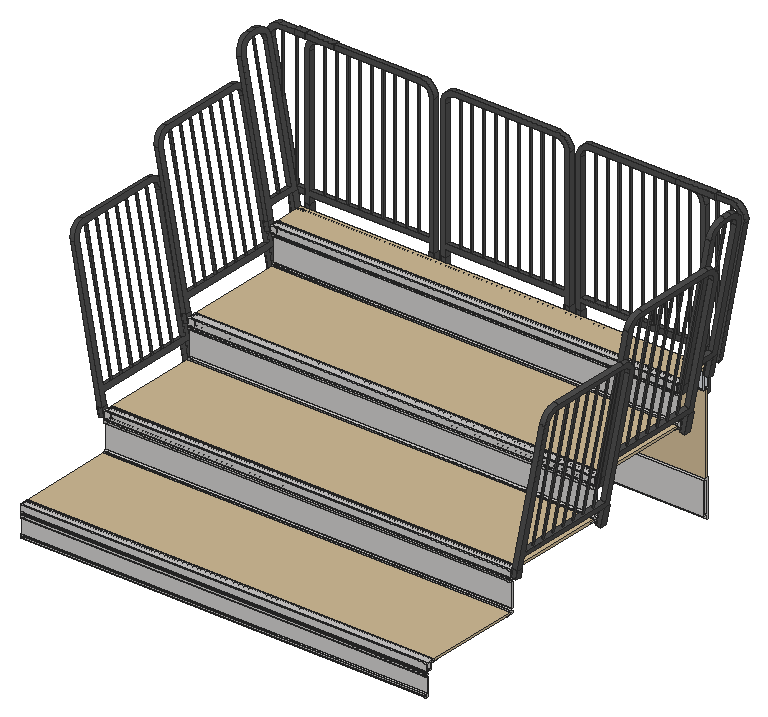
Revit family "Bleacher-Telescopic-Hussey-MAXAM_Plus-Portable-Simplified", category Specialty Equipment, Revit 2024
Family settings
  Round Connector Dimension = Use Diameter
  Part Type = Normal
  OmniClass Number = 23.40.50.34.14
  OmniClass Title = Gymnasium Equipment
  Work Plane-Based = No
  Enable Cutting in Views = No
  Always vertical = Yes
  Cut with Voids When Loaded = No
  Maintain Annotation Orientation = No
  Shared = No
  Room Calculation Point = No
Parameters (values of type "32" Row, 11 5/8" Rise")
  URL = "http://www.husseyseating.com/"
  Type Comments = "Bleacher Bank"  # constant formula
  Top Deck Height [instance] = if(Row Rise Constraint = 1, (Row Rise * Number of Tiers) + 0' 1", if(Row Rise Constraint = 2, (Row Rise * Number of Tiers) - 0' 1", Row Rise * Number of Tiers))  # 3' - 9 1/2"
  Tier Limitation Chart [instance] = "Contact Hussey Seating Company"  # constant formula
  Stanchion Color = Hussey - 301 Blue
  Show in Stowed Position [instance] = not(Show in Open Position)  # no
  Show in Open Position [instance] = yes
  Show End Rails Right [instance] = yes
  Show End Rails Left [instance] = yes
  Show Cup Holders [instance] = yes
  Show Arms [instance] = yes
  Seats Upright Visibility [instance] = and(Show in Open Position, Seats Upright)  # yes
  Seats Upright [instance] = not(Seats Folded Flat)  # yes
  Seats Folded Flat Visibility [instance] = or(Seats Folded Flat, Show in Stowed Position)  # no
  Seats Folded Flat [instance] = no
  Seat Width = 1' - 9"
  Seat Type = Bleacher Seat : Metro Chair
  Seat Down [instance] = yes
  Seat Color [instance] = Hussey - 301 Blue
  Scheduled Seat Width = if(Not Metro Chair, 1' 6", Seat Width)  # 1' - 9"
  Row Spacing Note = "Do Not Change Row Spacing Constraint"  # constant formula
  Row Spacing Graphic Dimension [instance] = if(Show in Stowed Position, (Closed Dimension - 0' 10 3/4" - (Row Spacing + 0' 1")) / (Number of Operable Tiers - 1), (Open Dimension - 0' 10 3/4" - (Row Spacing + 0' 1")) / (Number of Operable Tiers - 1))  # 2' - 8 17/32"
  Row Spacing Constraint = 2
  Row Spacing = if(Row Spacing Constraint = 1, 2' 6", if(Row Spacing Constraint = 2, 2' 8", if(Row Spacing Constraint = 3, 2' 9", 0' 0")))  # 2' - 8"
  Row Rise Note = "Do Not Change Row Rise Constraint"  # constant formula
  Row Rise Constraint = 2
  Row Rise = if(Row Rise Constraint = 1, 0' 9 5/8", if(Row Rise Constraint = 2, 0' 11 5/8", if(Row Rise Constraint = 3, 1' 4", 0' 0")))  # 0' - 11 5/8"
  Riser Material = Hussey - Galvanized Steel
  Rear Rail Width [instance] = Rear Rail Bay Dimension - 0' 2"  # 3' - 4"
  Rear Rail Bay Maximum Dimension [instance] = 3' - 4"  # constant formula
  Rear Rail Bay Dimension [instance] = Bank Length / Number of Rear Rails  # 3' - 6"
  Rear Panel Material = Hussey - Plywood - 001 Natural - Rear Panel
  Rear Panel Height [instance] = Top Deck Height - 1' 9 1/4"  # 2' - 0 1/4"
  Product Page URL = "http://www.husseyseating.com/maxam-telescopic-platform/"
  Overall Unit Height [instance] = if(Row Rise Constraint = 1, (Row Rise * Number of Tiers) + 0' 7 1/2", if(Row Rise Constraint = 2, (Row Rise * Number of Tiers) + 0' 5 1/2", (Row Rise * Number of Tiers) + 0' 6 1/2"))  # 4' - 4"
  Overall Unit Depth [instance] = if(Show in Stowed Position, Closed Dimension, Open Dimension)  # 9' - 0 13/16"
  Optional Rear Panel = yes
  Open Dimension [instance] = if(Row Spacing Constraint = 1, Row Spacing * (Number of Tiers - 1) + 1' 2 13/16", if(Row Spacing Constraint = 2, Row Spacing * (Number of Tiers - 1) + 1' 0 13/16", if(Row Spacing Constraint = 3, Row Spacing * (Number of Tiers - 1) + 0' 11 13/16", Row Spacing * (Number of Tiers - 1) + 0' 11 13/16")))  # 9' - 0 13/16"
  Number of Tiers [instance] = 4
  Number of Seats per Row [instance] = if(Calculated Chair Array Width > Calculated Chair Array Width Maximum, Calculated Number of Seats per Row - 1, Calculated Number of Seats per Row)  # 6
  Number of Rear Rails [instance] = Number of Rear Rail Bays - 1  # 3
  Number of Rear Rail Bays [instance] = (Bank Length / Rear Rail Bay Maximum Dimension) + 1  # 4
  Number of Operable Tiers [instance] = Number of Tiers - 1  # 3
  Number of Operable End Rails [instance] = Number of Operable Tiers - 1  # 2
  Not Metro Chair = not(Metro Chair)  # no
  Nose Beam Material = Hussey - Galvanized Steel
  Model = "MAXAM Plus"
  Metro Chair Top Deck Height [instance] = Top Deck Height - Row Rise  # 2' - 9 7/8"
  Metro Chair Standard Widths = "18'', 19'', 20'', 21'', 22''"  # constant formula
  Metro Chair Arms Note = "Not Available with 18'' Width"  # constant formula
  Metro Chair = yes
  Manufacturer Phone Number = "1.800.341.0401"  # constant formula
  Manufacturer Email Contact = "mailto:revit@husseyseating.com?Subject=Revit Inquiry"
  Manufacturer Address 1 = "38 Dyer Street Extension"  # constant formula
  Manufacturer Address  2 = "North Berwick, Maine 03906"  # constant formula
  Manufacturer = "Hussey Seating Company"  # constant formula
  Front Row Height [instance] = if(Row Rise = 1' 4", 1' 3 15/16", 0' 10 9/16")  # 0' - 10 9/16"
  Front Closure Material = Hussey - Galvanized Steel
  Front Closure Height [instance] = if(Show in Stowed Position, Front Row Height - 0' 4", Front Row Height - 0' 4")  # 0' - 6 9/16"
  Flex Row Note = "Not part of Revit Family - Contact Hussey Seating Co."
  Estimated Seat Count [instance] = if(Metro Chair, Number of Seats per Row * (Number of Tiers - 1), (Bank Length / 1' 6") * Number of Tiers)  # 18
  End Rail Color = Hussey - Bleacher Rail Color
  Description = "MAXAM Plus Telescopic Gym Bleacher Bank - Portable"
  Default Elevation = 0' - 0"
  Cup Holder Visibility [instance] = and(Armrest Visibility, Show Cup Holders)  # yes
  Creator URL = "http://www.revituspro.com/"
  Created By = "Revitus"  # constant formula
  Copyright Notice = "© Hussey Seating Co.  All Rights Reserved."  # constant formula
  Closed Dimension [instance] = if(and(Row Rise Constraint = 1, Row Spacing Constraint = 1), (Number of Tiers * 0' 0 1/2" + 4' 0"), if(and(Row Rise Constraint = 2, Row Spacing Constraint = 1), (Number of Tiers * 0' 0 1/2" + 4' 2"), if(and(Row Rise Constraint = 3, Row Spacing Constraint = 1), (Number of Tiers * 0' 0 1/2" + 4' 1"), if(and(Row Rise Constraint = 1, Row Spacing Constraint = 2), (Number of Tiers * 0' 0 1/2" + 3' 11"), if(and(Row Rise Constraint = 2, Row Spacing Constraint = 2), (Number of Tiers * 0' 0 1/2" + 4' 0"), if(and(Row Rise Constraint = 3, Row Spacing Constraint = 2), (Number of Tiers * 0' 0 1/2" + 3' 11"), if(and(Row Rise Constraint = 1, Row Spacing Constraint = 3), (Number of Tiers * 0' 0 1/2" + 3' 11"), if(and(Row Rise Constraint = 2, Row Spacing Constraint = 3), (Number of Tiers * 0' 0 1/2" + 3' 11"), if(and(Row Rise Constraint = 3, Row Spacing Constraint = 3), (Number of Tiers * 0' 0 1/2" + 3' 11"), (Number of Tiers * 0' 0 1/2") + 4' 0")))))))))  # 4' - 2"
  Calculated Chair Array Width [instance] = (Seat Width * Calculated Number of Seats per Row) - Seat Width  # 8' - 9"
  Calculated Number of Seats per Row [instance] = Bank Length / Seat Width  # 6
  Calculated Chair Array Width Maximum [instance] = Bank Length - Seat Width  # 8' - 9"
  CSI MasterFormat = "12 66 00"
  Bleacher Deck Material = Hussey - Plywood - 001 Natural - Bleacher Decking
  Bank Length Minimum = "10'-6''"  # constant formula
  Bank Length Maximum = "19'-5''"  # constant formula
  Bank Length Increment = "18'' Typical Increments"  # constant formula
  Bank Length [instance] = 10' - 6"
  BIM Version = "v3.1"  # constant formula
  Assembly Code = "E1020900"
  Armrest Visibility [instance] = and(Seat Width > 1' 6", Show Arms)  # yes
  Actual Chair Array Width [instance] = (Seat Width * Number of Seats per Row) - Seat Width  # 8' - 9"
  16" Row Rise Note = "Not Available for Portable Units"  # constant formula
Reference planes (in)
  plane 1 "Center (Front/Back)": y = -6.40625
  plane 2: z = 0
  plane 3 "Center (Left/Right)": x = -57
  plane 4 "Left": x = -120
  plane 5 "Right": x = 6
  plane 6 "Back": y = 48
  plane 7 "Front": y = -60.8125
  plane 8: z = 10.5625
  plane 9: y = -28.28125
  plane 10: z = 22.1875
  plane 11: y = 36.125
  plane 12: y = 4.25
  plane 13: z = 1
  plane 14 "Top Deck Height": z = 45.5
  plane 15 "End Rail Alignment - Left": through (-120, -180, 0) normal (-0.1908, 0, 0.9816)
  plane 16: z = 33.8125
  plane 17 "End Rail Alignment - Right": through (120, -180, 0) normal (-0.1908, 0, -0.9816)
  plane 18: x = -109.5
  plane 19: x = -4.5
  plane 20 "Top Tier Metro Chair Attachment (Front/Back)": y = 37.25
  plane 21 "Rear Rail - Left": x = -119
  plane 22 "Rear Rail - Right": x = 5
  plane 23: y = 49.0625
  plane 24: y = 48.1875
  plane 25: y = 49.9375
  plane 26 "Optional Rear Panel - Bottom": z = 14.5
  plane 27 "Optional Rear Panel - Top": z = 38.75
  plane 28 "Rear Lift Beam - Bottom": z = 3
  plane 29 "Optional Rear Panel - Back": y = 47.8125
  plane 30 "Optional Rear Panel - Front": y = 47.1875
  plane 31 "Rear Lift Beam - Top": z = 14.25
  plane 32 "Rear Lift Beam Channel - Bottom": z = 4.25
  plane 33 "Rear Lift Beam - Back": y = 48.0625
  plane 34 "Rear Lift Beam - Front": y = 46.3125
  plane 35: y = 46.5625
  plane 36: z = 4.5
  plane 37: z = 14
Forms (in)
  Extrusion 1, solid, material "Hussey - Plywood - 001 Natural - Rear Panel" <- "Rear Panel Material", visible <- "Optional Rear Panel"
    sketch origin (-66, 0, 0) x (0, 1, 0) y (0, 0, 1)
      loop
        line (47.1875, 14.5) -> (47.8125, 14.5) -> (47.8125, 38.75) -> (47.1875, 38.75) -> (47.1875, 14.5)
    from -54 to 72
  Extrusion 2, solid, material "Hussey - Galvanized Steel"
    sketch origin (-66, 0, -3.875) x (0, 1, 0) y (0, 0, 1)
      loop
        line (46.3125, 8.125) -> (47.8125, 8.125) -> (47.8125, 6.875) -> (48.0625, 6.875) -> (48.0625, 18.375) -> (47.8125, 18.375) -> (47.8125, 18.125) -> (46.3125, 18.125) -> (46.3125, 8.125)
      loop
        line (46.5625, 17.875) -> (46.5625, 8.375) -> (47.8125, 8.375) -> (47.8125, 17.875) -> (46.5625, 17.875)
    from -54 to 72
Lines and regions (in)
  reference lines, visible <- "Show End Rails Left"
    curve 1: line (-132, 48, 0) -> (-132, -60.8125, 0)
  reference lines, visible <- "Show End Rails Right"
    curve 2: line (18, 48, 0) -> (18, -60.8125, 0)
Dimensions and locks (in)
  equal spacing: plane 4 "Left", plane 3 "Center (Left/Right)", plane 5 "Right"
  "Bank Length": plane 4 "Left" to plane 5 "Right"
  equal spacing: plane 6 "Back", plane 1 "Center (Front/Back)", plane 7 "Front"
  "Overall Unit Depth": plane 6 "Back" to plane 7 "Front"
  "Row Spacing Graphic Dimension": plane 7 "Front" to plane 9
  locked: plane 11 to plane 6 "Back" at 11.875
  "Row Rise": plane 10 to plane 8
  "Front Row Height": plane 8 to level
  "Row Spacing Graphic Dimension": plane 9 to plane 12
  locked: plane 13 to level at 1
  equal spacing: group 1, group 2, group 3  (x3)
  "Top Deck Height": plane 14 "Top Deck Height" to level
  "Row Rise": plane 16 to plane 10
  group 4 to group 5 = 0' - 0"
  group 4 to group 5 = 2' - 8 17/32"
  group 4 to group 5 = 0' - 11 5/8"
  group 6 to group 7 = 0' - 0"
  group 6 to group 7 = 2' - 8 17/32"
  group 6 to group 7 = 0' - 11 5/8"
  locked: curve 1 to plane 4 "Left" at 12
  locked: plane 5 "Right" to curve 2 at 12
  equal spacing: group 8, group 9, group 10  (x3)
  equal spacing: plane 18, plane 3 "Center (Left/Right)", plane 19
  "Calculated Chair Array Width": plane 18 to plane 19
  locked: plane 20 "Top Tier Metro Chair Attachment (Front/Back)" to plane 6 "Back" at 10.75
  locked: plane 21 "Rear Rail - Left" to plane 4 "Left" at 1
  locked: plane 22 "Rear Rail - Right" to plane 5 "Right" at 1
  plane 6 "Back" to plane 24 to plane 25 = 0' - 0 3/16" locked, 0' - 1 3/4" locked
  equal spacing: plane 24, plane 23, plane 25
  equal spacing: group 11, group 13, group 12  (x3)
  plane 26 "Optional Rear Panel - Bottom" to plane 28 "Rear Lift Beam - Bottom" to level = 0' - 11 1/2" locked, 0' - 3" locked
  "Rear Panel Height": plane 27 "Optional Rear Panel - Top" to plane 26 "Optional Rear Panel - Bottom"
  plane 30 "Optional Rear Panel - Front" to plane 29 "Optional Rear Panel - Back" to plane 23 = 0' - 0 5/8" locked, 0' - 1 1/4" locked
  plane 26 "Optional Rear Panel - Bottom" to plane 31 "Rear Lift Beam - Top" to plane 32 "Rear Lift Beam Channel - Bottom" = 0' - 0 1/4" locked, 0' - 10" locked
  locked: plane 29 "Optional Rear Panel - Back" to plane 33 "Rear Lift Beam - Back" at 0.25
  locked: plane 34 "Rear Lift Beam - Front" to plane 35 at 0.25
  locked: plane 32 "Rear Lift Beam Channel - Bottom" to plane 36 at 0.25
  locked: plane 37 to plane 31 "Rear Lift Beam - Top" at 0.25
  group 14 to group 15 = 0' - 0"
  group 14 to group 15 = 2' - 8 17/32"
  group 14 to group 15 = 0' - 11 5/8"
  aligned and locked: level to plane 2
  aligned and locked: plane 13 to nested 1
  aligned and locked: nested 1 to plane 7 "Front"
  aligned and locked: nested 1 to plane 4 "Left"
  aligned and locked: nested 2 to plane 7 "Front"
  aligned and locked: plane 8 to nested 2
  aligned and locked: nested 2 to plane 4 "Left"
  aligned and locked: nested 4 to plane 9
  aligned and locked: plane 10 to nested 4
  aligned and locked: plane 11 to nested 3
  aligned and locked: plane 14 "Top Deck Height" to nested 3
  aligned and locked: plane 4 "Left" to nested 3
  aligned and locked: nested 6 to plane 9
  aligned and locked: plane 4 "Left" to nested 6
  aligned and locked: plane 4 "Left" to nested 7
  aligned and locked: plane 11 to nested 7
  aligned and locked: nested 6 to plane 10
  aligned and locked: nested 7 to plane 14 "Top Deck Height"
  aligned and locked: nested 8 to plane 16
  aligned and locked: plane 12 to nested 8
  aligned and locked: plane 10 to nested 9
  aligned and locked: nested 9 to plane 5 "Right"
  aligned and locked: nested 9 to plane 9
  aligned and locked: nested 10 to plane 12
  aligned and locked: plane 16 to nested 10
  aligned and locked: nested 10 to plane 5 "Right"
  aligned and locked: nested 11 to plane 11
  aligned and locked: nested 12 to plane 4 "Left"
  aligned and locked: plane 8 to nested 12
  aligned and locked: nested 12 to plane 7 "Front"
  aligned and locked: plane 4 "Left" to nested 13
  aligned and locked: plane 11 to nested 13
  aligned and locked: nested 14 to plane 9
  aligned and locked: plane 4 "Left" to nested 14
  aligned and locked: plane 10 to nested 14
  aligned and locked: nested 11 to nested 13
  aligned and locked: plane 14 "Top Deck Height" to nested 16
  aligned and locked: plane 23 to nested 16
  aligned and locked: plane 21 "Rear Rail - Left" to nested 16
  aligned and locked: plane 14 "Top Deck Height" to nested 17
  aligned and locked: plane 23 to nested 17
  aligned and locked: plane 22 "Rear Rail - Right" to nested 17
  aligned and locked: plane 21 "Rear Rail - Left" to nested 19
  aligned and locked: plane 14 "Top Deck Height" to nested 19
  aligned and locked: nested 19 to plane 23
  aligned and locked: nested 20 to plane 22 "Rear Rail - Right"
  aligned and locked: plane 14 "Top Deck Height" to nested 20
  aligned and locked: nested 20 to plane 23
  aligned and locked: plane 3 "Center (Left/Right)" to nested 21
  aligned and locked: nested 21 to plane 20 "Top Tier Metro Chair Attachment (Front/Back)"
  aligned and locked: Extrusion 1 sketch curve to plane 30 "Optional Rear Panel - Front"
  aligned and locked: Extrusion 1 sketch curve to plane 27 "Optional Rear Panel - Top"
  aligned and locked: Extrusion 1 sketch curve to plane 29 "Optional Rear Panel - Back"
  aligned and locked: Extrusion 1 sketch curve to plane 26 "Optional Rear Panel - Bottom"
  aligned and locked: Extrusion 2 sketch curve to plane 34 "Rear Lift Beam - Front"
  aligned and locked: Extrusion 2 sketch curve to plane 35
  aligned and locked: Extrusion 2 sketch curve to plane 31 "Rear Lift Beam - Top"
  aligned and locked: Extrusion 2 sketch curve to plane 37
  aligned and locked: Extrusion 2 sketch curve to plane 29 "Optional Rear Panel - Back"  (x3)
  aligned and locked: Extrusion 2 sketch curve to plane 33 "Rear Lift Beam - Back"
  aligned and locked: Extrusion 2 sketch curve to plane 26 "Optional Rear Panel - Bottom"
  aligned and locked: Extrusion 2 sketch curve to plane 28 "Rear Lift Beam - Bottom"
  aligned and locked: Extrusion 2 sketch curve to plane 36
  aligned and locked: Extrusion 2 sketch curve to plane 32 "Rear Lift Beam Channel - Bottom"
  aligned and locked: Extrusion 2 to plane 4 "Left"
  aligned and locked: Extrusion 1 to plane 4 "Left"
  aligned and locked: Extrusion 2 to plane 5 "Right"
  aligned and locked: Extrusion 1 to plane 5 "Right"
  aligned and locked: plane 3 "Center (Left/Right)" to nested 22
  aligned and locked: plane 8 to nested 22
  aligned and locked: nested 22 to nested 2
  aligned and locked: nested 23 to nested 4
  aligned and locked: plane 10 to nested 23
  aligned and locked: plane 3 "Center (Left/Right)" to nested 23
  aligned and locked: nested 9 to nested 11
Automatic sketch dimensions
  plane 7 "Front" to curve 2 = 0' - 0"
  curve 2 to plane 6 "Back" = 0' - 0"
  plane 7 "Front" to curve 1 = 0' - 0"
  curve 1 to plane 6 "Back" = 0' - 0"
Nested families (in)
  nested 1: "Bleacher-Front_Closure-Hussey" at (0, -48.8125, 1), Height <- "Front Closure Height", Bank Length <- "Bank Length", type "Bleacher-Front_Closure-Hussey"
    with Height 0' - 6 9/16", Bank Length 10' - 6"
  nested 2: "Bleacher_Tier-Hussey-MAXAM" at (0, -48.8125, 10.5625), Bank Length <- "Bank Length", type "Typical Operable Tier"
    with Bank Length 10' - 6", Row Spacing 2' - 8", Depth 2' - 8"
  nested 3: "Bleacher_Tier-Hussey-MAXAM" at (0, 48.125, 45.5), Bank Length <- "Bank Length", type "Fixed Wall Tier"
    with Bank Length 10' - 6", Show Wall Plate yes, Show Riser no, Depth 0' - 11 1/8"
  nested 4: "Bleacher_Tier-Hussey-MAXAM" at (0, -16.28125, 22.1875), Bank Length <- "Bank Length", type "Typical Operable Tier"
    with Bank Length 10' - 6", Row Spacing 2' - 8", Depth 2' - 8"
  nested 5: "Bleacher_Tier-Hussey-MAXAM" at (0, 16.25, 33.8125), Bank Length <- "Bank Length", type "Typical Operable Tier"
    with Bank Length 10' - 6", Row Spacing 2' - 8", Depth 2' - 8"
  nested 6: "Bleacher-End_Rail-Hussey-Self_Storing" at (-2.32744, -16.28125, 43.31432) x (0.9816, 0, 0.1908) z (-0.1908, 0, 0.9816), Depth <- "Row Spacing", visible <- "Show End Rails Left", type "Left End Rail"
    with Single Baluster no, Number of Balusters 7, Multiple Balusters yes, Depth 2' - 8", Baluster Spacing 0' - 4"
  nested 7: "Bleacher-End_Rail-Hussey-Self_Storing" at (-2.32744, 48.125, 66.62682) x (0.9816, 0, 0.1908) z (-0.1908, 0, 0.9816), visible <- "Show End Rails Left", type "Left End Rail"
    with Single Baluster yes, Number of Balusters 2, Multiple Balusters no, Depth 0' - 9 1/4", Baluster Spacing 0' - 4 3/8"
  nested 8: "Bleacher-End_Rail-Hussey-Self_Storing" at (-2.32744, 16.25, 54.93932) x (0.9816, 0, 0.1908) z (-0.1908, 0, 0.9816), Depth <- "Row Spacing", visible <- "Show End Rails Left", type "Left End Rail"
    with Single Baluster no, Number of Balusters 7, Multiple Balusters yes, Depth 2' - 8", Baluster Spacing 0' - 4"
  nested 9: "Bleacher-End_Rail-Hussey-Self_Storing" at (125.39041, -16.28125, -2.76605) x (0.9816, 0, -0.1908) z (0.1908, 0, 0.9816), visible <- "Show End Rails Right", Depth <- "Row Spacing", type "Right End Rail"
    with Single Baluster no, Number of Balusters 7, Multiple Balusters yes, Depth 2' - 8", Baluster Spacing 0' - 4", Right End Rail yes, Left End Rail no
  nested 10: "Bleacher-End_Rail-Hussey-Self_Storing" at (125.39041, 16.25, 8.85895) x (0.9816, 0, -0.1908) z (0.1908, 0, 0.9816), visible <- "Show End Rails Right", Depth <- "Row Spacing", type "Right End Rail"
    with Single Baluster no, Number of Balusters 7, Multiple Balusters yes, Depth 2' - 8", Baluster Spacing 0' - 4", Right End Rail yes, Left End Rail no
  nested 11: "Bleacher-End_Rail-Hussey-Self_Storing" at (125.39041, 48.125, 20.54645) x (0.9816, 0, -0.1908) z (0.1908, 0, 0.9816), visible <- "Show End Rails Right", type "Right End Rail"
    with Single Baluster yes, Number of Balusters 2, Multiple Balusters no, Depth 0' - 9 1/4", Baluster Spacing 0' - 4 3/8", Right End Rail yes, Left End Rail no
  nested 12: "Bleacher Seat" at (0, -48.8125, 10.5625), type <- "Seat Type", Bank Length <- "Bank Length", type "Metro Chair"
    with Bank Length 10' - 6", Show XC10 no, Show Metro Chair yes
  nested 13: "Bleacher Seat" at (0, 48.125, 45.5), type <- "Seat Type", Bank Length <- "Bank Length", built-in parameter 1001364 <- "Top Deck Height", type "Metro Chair"
    with Bank Length 10' - 6", Show XC10 no, Show Metro Chair yes
  nested 14: "Bleacher Seat" at (0, -16.28125, 22.1875), type <- "Seat Type", Bank Length <- "Bank Length", type "Metro Chair"
    with Bank Length 10' - 6", Show XC10 no, Show Metro Chair yes
  nested 15: "Bleacher Seat" at (0, 16.25, 33.8125), type <- "Seat Type", Bank Length <- "Bank Length", type "Metro Chair"
    with Bank Length 10' - 6", Show XC10 no, Show Metro Chair yes
  nested 16: "Bleacher-Rear_Rail-Hussey" at (-107, -71.6875, 37.125) x (0, -1, 0) z (0, 0, 1), type "Rear Rail"
    with Number of Balusters 9, Baluster Spacing 0' - 4", Width 3' - 4"
  nested 17: "Bleacher-Rear_Rail-Hussey" at (-23, -71.6875, 37.125) x (0, -1, 0) z (0, 0, 1), type "Rear Rail"
    with Number of Balusters 9, Baluster Spacing 0' - 4", Width 3' - 4"
  nested 18: "Bleacher-Rear_Rail-Hussey" at (-65, -71.6875, 37.125) x (0, -1, 0) z (0, 0, 1), type "Rear Rail"
    with Number of Balusters 9, Baluster Spacing 0' - 4", Width 3' - 4"
  nested 19: "Bleacher-Rear_Rail_Filler-Hussey" at (-107, -71.6875, 37.125) x (0, -1, 0) z (0, 0, 1), visible <- "Show End Rails Left", type "Rear Rail Filler"
  nested 20: "Bleacher-Rear_Rail_Filler-Hussey" at (-7, 169.8125, 37.125) x (0, 1, 0) z (0, 0, 1), visible <- "Show End Rails Right", type "Rear Rail Filler"
  nested 21: "Metro Chair-Single Row Array-Simplified" at (-57, 37.25, 33.875), visible <- "Metro Chair", built-in parameter 1001364 <- "Metro Chair Top Deck Height", type "Metro Chair-Single Row Array-Simplified"
    with Seats Upright yes, Seats Folded Flat no, Number of Seats per Row 6, Chair Array Width to First and Last Centers 8' - 9"
  nested 22: "Metro Chair-Single Row Array-Simplified" at (-57, -27.78125, 10.5625), visible <- "Metro Chair", Seats Upright <- "Seats Upright Visibility", Seats Folded Flat <- "Seats Folded Flat Visibility", type "Metro Chair-Single Row Array-Simplified"
    with Seats Upright yes, Seats Folded Flat no, Number of Seats per Row 6, Chair Array Width to First and Last Centers 8' - 9"
  nested 23: "Metro Chair-Single Row Array-Simplified" at (-57, 4.75, 22.1875), visible <- "Metro Chair", Seats Upright <- "Seats Upright Visibility", Seats Folded Flat <- "Seats Folded Flat Visibility", type "Metro Chair-Single Row Array-Simplified"
    with Seats Upright yes, Seats Folded Flat no, Number of Seats per Row 6, Chair Array Width to First and Last Centers 8' - 9"
Definition of nested family "Bleacher-Front_Closure-Hussey"
  Parameters
    URL = "http://www.husseyseating.com/"
    Model = ""
    Manufacturer = "Hussey Seating Company"  # constant formula
    Height [instance] = 0' - 6 5/8"
    Front Closure Material = none
    Description = "Front Closure Extrusion Under First Tier"
    Default Elevation = 0' - 0"
    Created By = "Revitus"  # constant formula
    Creator URL = "http://www.revituspro.com/"
    Bank Length [instance] = 20' - 0"
    Assembly Code = ""
  Reference planes (in)
    plane 1: z = 0
    plane 2 "Center (Left/Right)": x = 0
    plane 3 "Left": x = -120
    plane 4 "Right": x = 120
    plane 5 "Front": y = -12
    plane 6: z = 6.625
    plane 7: z = 6.53125
    plane 8: y = -11.90625
    plane 9: y = -11.59415
    plane 10: y = -11.5004
    plane 11: z = 6.125
    plane 12: z = 0.5
    plane 13: z = 0.09375
  Forms (in)
    Extrusion 1, solid, material <- "Front Closure Material"
      sketch origin (0, -12.09375, 9.751) x (0, 1, 0) y (0, 0, 1)
        loop
          arc (0.09375, -3.8615) -> (0.1114, -3.93365) -> (0.16038, -3.98949) r 0.15625
          line (0.16038, -3.98949) -> (0.47295, -4.20836)
          arc (0.47295, -4.20836) -> (0.49254, -4.23069) -> (0.4996, -4.25955) r 0.0625
          line (0.4996, -4.25955) -> (0.4996, -8.61745)
          arc (0.4996, -8.61745) -> (0.49254, -8.64631) -> (0.47295, -8.66864) r 0.0625
          line (0.47295, -8.66864) -> (0.16038, -8.88751)
          arc (0.16038, -8.88751) -> (0.1114, -8.94335) -> (0.09375, -9.0155) r 0.15625
          line (0.09375, -9.0155) -> (0.09375, -9.59475)
          arc (0.09375, -9.59475) -> (0.13951, -9.70524) -> (0.25, -9.751) r 0.15625
          line (0.25, -9.751) -> (0.4371, -9.751)
          arc (0.4371, -9.751) -> (0.54759, -9.70524) -> (0.59335, -9.59475) r 0.15625
          line (0.59335, -9.59475) -> (0.59335, -9.251) -> (0.4996, -9.251) -> (0.4996, -9.59475)
          arc (0.4996, -9.59475) -> (0.48129, -9.63894) -> (0.4371, -9.65725) r 0.0625
          line (0.4371, -9.65725) -> (0.25, -9.65725)
          arc (0.25, -9.65725) -> (0.20581, -9.63894) -> (0.1875, -9.59475) r 0.0625
          line (0.1875, -9.59475) -> (0.1875, -9.0155)
          arc (0.1875, -9.0155) -> (0.19456, -8.98664) -> (0.21415, -8.9643) r 0.0625
          line (0.21415, -8.9643) -> (0.52672, -8.74544)
          arc (0.52672, -8.74544) -> (0.5757, -8.68959) -> (0.59335, -8.61745) r 0.15625
          line (0.59335, -8.61745) -> (0.59335, -4.25955)
          arc (0.59335, -4.25955) -> (0.5757, -4.18741) -> (0.52672, -4.13156) r 0.15625
          line (0.52672, -4.13156) -> (0.21415, -3.9127)
          arc (0.21415, -3.9127) -> (0.19456, -3.89036) -> (0.1875, -3.8615) r 0.0625
          line (0.1875, -3.8615) -> (0.1875, -3.28225)
          arc (0.1875, -3.28225) -> (0.20581, -3.23806) -> (0.25, -3.21975) r 0.0625
          line (0.25, -3.21975) -> (0.4371, -3.21975)
          arc (0.4371, -3.21975) -> (0.48129, -3.23806) -> (0.4996, -3.28225) r 0.0625
          line (0.4996, -3.28225) -> (0.4996, -3.626) -> (0.59335, -3.626) -> (0.59335, -3.28225)
          arc (0.59335, -3.28225) -> (0.54759, -3.17176) -> (0.4371, -3.126) r 0.15625
          line (0.4371, -3.126) -> (0.25, -3.126)
          arc (0.25, -3.126) -> (0.13951, -3.17176) -> (0.09375, -3.28225) r 0.15625
          line (0.09375, -3.28225) -> (0.09375, -3.8615)
      from -120 to 120
  Dimensions and locks (in)
    "Bank Length": plane 3 "Left" to plane 4 "Right"
    equal spacing: plane 3 "Left", plane 2 "Center (Left/Right)", plane 4 "Right"
    "Height": plane 6 to level
    plane 5 "Front" to plane 8 to plane 9 to plane 10 = 0' - 0 3/32" locked, 0' - 0.3121" locked, 0' - 0 3/32" locked
    plane 6 to plane 7 to plane 11 = 0' - 0 3/32" locked, 0' - 0 13/32" locked
    plane 12 to plane 13 to level = 0' - 0 13/32" locked, 0' - 0 3/32" locked
    aligned and locked: plane 1 to level
    aligned and locked: Extrusion 1 to plane 3 "Left"
    aligned and locked: Extrusion 1 to plane 4 "Right"
    aligned and locked: plane 6 to Extrusion 1
  Automatic sketch dimensions
    Extrusion 1 sketch curve to Extrusion 1 sketch curve = 0' - 0"  (x16)
    Extrusion 1 sketch curve to plane 5 "Front" = 0' - 0"  (x2)
    Extrusion 1 sketch curve to plane 8 = 0' - 0"  (x2)
    Extrusion 1 sketch curve to level = 0' - 0"
    Extrusion 1 sketch curve to plane 6 = 0' - 0"
    Extrusion 1 sketch curve to plane 9 = 0' - 0"  (x3)
    Extrusion 1 sketch curve to plane 10 = 0' - 0"
    Extrusion 1 sketch curve to plane 12 = 0' - 0"
    Extrusion 1 sketch curve to plane 11 = 0' - 0"
    plane 8 to Extrusion 1 sketch curve = 0' - 0.02712"  (x2)
    Extrusion 1 sketch curve to plane 8 = 0' - 0.02665"  (x2)
    Extrusion 1 sketch curve to Extrusion 1 sketch curve = 0' - 0 1/16"  (x3)
    Extrusion 1 sketch curve to plane 8 = 0' - 0 1/16"  (x2)
    plane 9 to Extrusion 1 sketch curve = 0' - 0 1/16"  (x3)
    plane 9 to Extrusion 1 sketch curve = 0' - 0.02665"  (x2)
    Extrusion 1 sketch curve to plane 9 = 0' - 0.02712"  (x2)
    plane 12 to Extrusion 1 sketch curve = 0' - 0.2355"
    Extrusion 1 sketch curve to Extrusion 1 sketch curve = 0' - 0.21886"
    Extrusion 1 sketch curve to plane 11 = 0' - 0.63355"
    Extrusion 1 sketch curve to plane 11 = 0' - 0.36349"
Definition of nested family "Bleacher_Tier-Hussey-MAXAM"
  Parameters
    URL = "http://www.husseyseating.com/"
    Show Wall Plate = not(Show Riser)  # no
    Show Riser = yes
    Row Spacing = 2' - 0"
    Row Rise = 0' - 11 5/8"
    Riser Material = none
    Nose Beam Material = none
    Manufacturer = "Hussey Seating Company"  # constant formula
    Depth = if(Show Wall Plate, 0' 11 1/8", Row Spacing)  # 2' - 0"
    Default Elevation = 0' - 0"
    Decking Material = none
    Created By = "Revitus"  # constant formula
    Creator URL = "http://www.revituspro.com/"
    Bank Length [instance] = 20' - 0"
    Assembly Code = ""
  Reference planes (in)
    plane 1 "Center (Front/Back)": y = 0
    plane 2: z = 0
    plane 3 "Center (Left/Right)": x = 0
    plane 4 "Left": x = -120
    plane 5 "Right": x = 120
    plane 6 "Front": y = -12
    plane 7 "Row Spacing Back": y = 12
    plane 8: z = 11.625
    plane 9: z = -0.625
    plane 10: y = -9.25
    plane 11 "Face of Wall": y = 12.75
    plane 12: y = 13.03125
    plane 13: y = 13.125
    plane 14: z = -2.4375
    plane 15: y = -8.25
    plane 16: z = -0.09375
    plane 17: z = -0.1875
    plane 18: y = -10.5625
    plane 19: y = -10.65625
    plane 20: y = -11.90625
    plane 21: y = -9.34375
    plane 22: z = -0.71875
    plane 23: z = -2.34375
    plane 24: y = -9.4375
    plane 25: z = 8.75
    plane 26: z = 8.65625
    plane 27: z = 0.09375
    plane 28: y = 14.53125
    plane 29: y = 14.625
    plane 30: z = 8.25
    plane 31: y = 11.125
    plane 32 "Wall Plate - Front": y = 11
    plane 33: y = 12.625
    plane 34: z = -0.75
    plane 35: z = -6.125
    plane 36: z = -6.25
  Forms (in)
    Extrusion 1, solid, material <- "Decking Material"
      sketch origin (0, 0, 0) x (0, 1, 0) y (0, 0, 1)
        loop
          line (-9.25, 0) -> (-9.25, -0.625) -> (12.75, -0.625) -> (12.75, 0) -> (-9.25, 0)
      from -120 to 120
    Extrusion 2, solid, material <- "Nose Beam Material"
      sketch origin (0, 0, 0) x (0, 1, 0) y (0, 0, 1)
        loop
          arc (-11.8125, 0) -> (-11.94508, -0.05492) -> (-12, -0.1875) r 0.1875
          line (-12, -0.1875) -> (-12, -2.25)
          arc (-12, -2.25) -> (-11.94508, -2.38258) -> (-11.8125, -2.4375) r 0.1875
          line (-11.8125, -2.4375) -> (-10.75, -2.4375)
          arc (-10.75, -2.4375) -> (-10.61742, -2.38258) -> (-10.5625, -2.25) r 0.1875
          line (-10.5625, -2.25) -> (-10.5625, -0.28125)
          arc (-10.5625, -0.28125) -> (-10.53504, -0.21496) -> (-10.46875, -0.1875) r 0.09375
          line (-10.46875, -0.1875) -> (-9.4375, -0.1875) -> (-9.4375, -0.09375)
          arc (-9.4375, -0.09375) -> (-9.37121, -0.12121) -> (-9.34375, -0.1875) r 0.09375
          line (-9.34375, -0.1875) -> (-9.34375, -0.53125)
          arc (-9.34375, -0.53125) -> (-9.28883, -0.66383) -> (-9.15625, -0.71875) r 0.1875
          line (-9.15625, -0.71875) -> (-8.25, -0.71875) -> (-8.25, -0.625) -> (-9.15625, -0.625)
          arc (-9.15625, -0.625) -> (-9.22254, -0.59754) -> (-9.25, -0.53125) r 0.09375
          line (-9.25, -0.53125) -> (-9.25, -0.1875)
          arc (-9.25, -0.1875) -> (-9.30492, -0.05492) -> (-9.4375, 0) r 0.1875
          line (-9.4375, 0) -> (-11.8125, 0)
        loop
          arc (-11.8125, -0.09375) -> (-11.87879, -0.12121) -> (-11.90625, -0.1875) r 0.09375
          line (-11.90625, -0.1875) -> (-11.90625, -2.25)
          arc (-11.90625, -2.25) -> (-11.87879, -2.31629) -> (-11.8125, -2.34375) r 0.09375
          line (-11.8125, -2.34375) -> (-10.75, -2.34375)
          arc (-10.75, -2.34375) -> (-10.68371, -2.31629) -> (-10.65625, -2.25) r 0.09375
          line (-10.65625, -2.25) -> (-10.65625, -0.28125)
          arc (-10.65625, -0.28125) -> (-10.60133, -0.14867) -> (-10.46875, -0.09375) r 0.1875
          line (-10.46875, -0.09375) -> (-11.8125, -0.09375)
      from -120 to 120
    Extrusion 3, solid, material <- "Riser Material", visible <- "Show Riser"
      sketch origin (0, 0, 0) x (0, 1, 0) y (0, 0, 1)
        loop
          arc (12.43197, 8.75) -> (12.25086, 8.61103) -> (12.33822, 8.40012) r 0.1875
          line (12.33822, 8.40012) -> (12.98437, 8.02706)
          arc (12.98437, 8.02706) -> (13.01869, 7.99275) -> (13.03125, 7.94587) r 0.09375
          line (13.03125, 7.94587) -> (13.03125, 0.80413)
          arc (13.03125, 0.80413) -> (13.01869, 0.75725) -> (12.98437, 0.72294) r 0.09375
          line (12.98437, 0.72294) -> (12.33822, 0.34988)
          arc (12.33822, 0.34988) -> (12.25086, 0.13897) -> (12.43197, 0) r 0.1875
          line (12.43197, 0) -> (12.9375, 0)
          arc (12.9375, 0) -> (13.00379, -0.02746) -> (13.03125, -0.09375) r 0.09375
          line (13.03125, -0.09375) -> (13.03125, -0.53125)
          arc (13.03125, -0.53125) -> (13.00379, -0.59754) -> (12.9375, -0.625) r 0.09375
          line (12.9375, -0.625) -> (11.125, -0.625) -> (11.125, -0.71875) -> (12.9375, -0.71875)
          arc (12.9375, -0.71875) -> (13.07008, -0.66383) -> (13.125, -0.53125) r 0.1875
          line (13.125, -0.53125) -> (13.125, -0.09375)
          arc (13.125, -0.09375) -> (13.07008, 0.03883) -> (12.9375, 0.09375) r 0.1875
          line (12.9375, 0.09375) -> (12.43197, 0.09375)
          arc (12.43197, 0.09375) -> (12.34142, 0.16324) -> (12.3851, 0.26869) r 0.09375
          line (12.3851, 0.26869) -> (13.03125, 0.64175)
          arc (13.03125, 0.64175) -> (13.09988, 0.71038) -> (13.125, 0.80413) r 0.1875
          line (13.125, 0.80413) -> (13.125, 7.94587)
          arc (13.125, 7.94587) -> (13.09988, 8.03962) -> (13.03125, 8.10825) r 0.1875
          line (13.03125, 8.10825) -> (12.3851, 8.48131)
          arc (12.3851, 8.48131) -> (12.34142, 8.58676) -> (12.43197, 8.65625) r 0.09375
          line (12.43197, 8.65625) -> (14.4375, 8.65625)
          arc (14.4375, 8.65625) -> (14.50379, 8.62879) -> (14.53125, 8.5625) r 0.09375
          line (14.53125, 8.5625) -> (14.53125, 8.25) -> (14.625, 8.25) -> (14.625, 8.5625)
          arc (14.625, 8.5625) -> (14.57008, 8.69508) -> (14.4375, 8.75) r 0.1875
          line (14.4375, 8.75) -> (12.43197, 8.75)
      from -120 to 120
    Extrusion 4, solid, visible <- "Show Wall Plate"
      sketch origin (0, 0, 0) x (0, 1, 0) y (0, 0, 1)
        loop
          arc (11, -6) -> (11.07322, -6.17678) -> (11.25, -6.25) r 0.25
          line (11.25, -6.25) -> (12.5, -6.25)
          arc (12.5, -6.25) -> (12.67678, -6.17678) -> (12.75, -6) r 0.25
          line (12.75, -6) -> (12.75, -0.875)
          arc (12.75, -0.875) -> (12.67678, -0.69822) -> (12.5, -0.625) r 0.25
          line (12.5, -0.625) -> (11.25, -0.625)
          arc (11.25, -0.625) -> (11.07322, -0.69822) -> (11, -0.875) r 0.25
          line (11, -0.875) -> (11, -6)
        loop
          arc (11.125, -6) -> (11.16161, -6.08839) -> (11.25, -6.125) r 0.125
          line (11.25, -6.125) -> (12.5, -6.125)
          arc (12.5, -6.125) -> (12.58839, -6.08839) -> (12.625, -6) r 0.125
          line (12.625, -6) -> (12.625, -0.875)
          arc (12.625, -0.875) -> (12.58839, -0.78661) -> (12.5, -0.75) r 0.125
          line (12.5, -0.75) -> (11.25, -0.75)
          arc (11.25, -0.75) -> (11.16161, -0.78661) -> (11.125, -0.875) r 0.125
          line (11.125, -0.875) -> (11.125, -6)
      from -120 to 120
  Dimensions and locks (in)
    "Bank Length": plane 4 "Left" to plane 5 "Right"
    equal spacing: plane 4 "Left", plane 3 "Center (Left/Right)", plane 5 "Right"
    equal spacing: plane 6 "Front", plane 1 "Center (Front/Back)", plane 7 "Row Spacing Back"
    "Depth": plane 7 "Row Spacing Back" to plane 6 "Front"
    "Row Rise": plane 8 to level
    plane 6 "Front" to plane 10 to plane 15 = 0' - 2 3/4" locked, 0' - 1" locked
    plane 7 "Row Spacing Back" to plane 11 "Face of Wall" to plane 12 to plane 13 = 0' - 0 3/4" locked, 0' - 0 9/32" locked, 0' - 0 3/32" locked
    level to plane 9 to plane 14 = 0' - 0 5/8" locked, 0' - 1 13/16" locked
    level to plane 16 to plane 17 = 0' - 0 3/32" locked, 0' - 0 3/32" locked
    plane 6 "Front" to plane 20 to plane 19 to plane 18 = 0' - 0 3/32" locked, 0' - 1 1/4" locked, 0' - 0 3/32" locked
    plane 24 to plane 21 to plane 10 = 0' - 0 3/32" locked, 0' - 0 3/32" locked
    locked: plane 9 to plane 22 at 0.09375
    locked: plane 23 to plane 14 at 0.09375
    plane 8 to plane 25 to plane 26 = 0' - 2 7/8" locked, 0' - 0 3/32" locked
    locked: plane 27 to level at 0.09375
    plane 12 to plane 28 to plane 29 = 0' - 1 1/2" locked, 0' - 0 3/32" locked
    locked: plane 25 to plane 30 at 0.5
    plane 9 to plane 34 to plane 35 to plane 36 = 0' - 0 1/8" locked, 0' - 5 3/8" locked, 0' - 0 1/8" locked
    plane 32 "Wall Plate - Front" to plane 31 to plane 33 to plane 11 "Face of Wall" = 0' - 0 1/8" locked, 0' - 1 1/2" locked, 0' - 0 1/8" locked
    aligned and locked: plane 2 to level
    aligned and locked: Extrusion 1 sketch curve to level
    aligned and locked: Extrusion 1 sketch curve to plane 10
    aligned and locked: Extrusion 1 sketch curve to plane 9
    aligned and locked: Extrusion 1 sketch curve to plane 11 "Face of Wall"
    aligned and locked: Extrusion 1 to plane 4 "Left"
    aligned and locked: Extrusion 1 to plane 5 "Right"
    aligned and locked: Extrusion 2 sketch curve to level
    aligned and locked: Extrusion 2 sketch curve to plane 16
    aligned and locked: Extrusion 2 sketch curve to plane 17
    aligned and locked: Extrusion 2 sketch curve to plane 6 "Front"
    aligned and locked: plane 20 to Extrusion 2 sketch curve
    aligned and locked: plane 19 to Extrusion 2 sketch curve
    aligned and locked: plane 18 to Extrusion 2 sketch curve
    aligned and locked: plane 21 to Extrusion 2 sketch curve
    aligned and locked: Extrusion 2 sketch curve to plane 10
    aligned and locked: Extrusion 2 sketch curve to plane 15
    aligned and locked: Extrusion 2 sketch curve to plane 23
    aligned and locked: Extrusion 2 sketch curve to plane 14
    aligned and locked: Extrusion 2 sketch curve to plane 9
    aligned and locked: Extrusion 2 sketch curve to plane 22
    aligned and locked: plane 24 to Extrusion 2 sketch curve
    aligned and locked: Extrusion 2 to plane 4 "Left"
    aligned and locked: Extrusion 2 to plane 5 "Right"
    aligned and locked: Extrusion 3 sketch curve to plane 25
    aligned and locked: Extrusion 3 sketch curve to plane 26
    aligned and locked: Extrusion 3 sketch curve to plane 13
    aligned and locked: Extrusion 3 sketch curve to plane 12
    aligned and locked: Extrusion 3 sketch curve to plane 29
    aligned and locked: Extrusion 3 sketch curve to plane 28
    aligned and locked: plane 22 to Extrusion 3 sketch curve
    aligned and locked: Extrusion 3 sketch curve to plane 9
    aligned and locked: Extrusion 3 sketch curve to level
    aligned and locked: Extrusion 3 sketch curve to plane 27
    aligned and locked: Extrusion 3 sketch curve to plane 30
    aligned and locked: plane 31 to Extrusion 3 sketch curve
    aligned and locked: Extrusion 3 to plane 4 "Left"
    aligned and locked: Extrusion 3 to plane 5 "Right"
    aligned and locked: Extrusion 4 sketch curve to plane 32 "Wall Plate - Front"
    aligned and locked: Extrusion 4 sketch curve to plane 31
    aligned and locked: Extrusion 4 sketch curve to plane 36
    aligned and locked: Extrusion 4 sketch curve to plane 35
    aligned and locked: Extrusion 4 sketch curve to plane 33
    aligned and locked: Extrusion 4 sketch curve to plane 11 "Face of Wall"
    aligned and locked: Extrusion 4 sketch curve to plane 34
    aligned and locked: Extrusion 4 sketch curve to plane 9
    aligned and locked: Extrusion 4 to plane 4 "Left"
    aligned and locked: Extrusion 4 to plane 5 "Right"
  Automatic sketch dimensions
    Extrusion 2 sketch curve to Extrusion 2 sketch curve = 0' - 0"  (x8)
    Extrusion 2 sketch curve to plane 17 = 0' - 0"
    Extrusion 2 sketch curve to plane 16 = 0' - 0"
    plane 20 to Extrusion 2 sketch curve = 0' - 0 3/32"
    Extrusion 2 sketch curve to Extrusion 2 sketch curve = 0' - 0 3/32"
    Extrusion 2 sketch curve to plane 17 = 0' - 0 3/32"
    Extrusion 2 sketch curve to plane 10 = 0' - 0 3/32"
    Extrusion 3 sketch curve to Extrusion 3 sketch curve = 0' - 0"  (x11)
    Extrusion 3 sketch curve to plane 12 = 0' - 0"  (x3)
    Extrusion 3 sketch curve to plane 13 = 0' - 0"
    plane 16 to Extrusion 3 sketch curve = 0' - 0"
    plane 12 to Extrusion 3 sketch curve = 0' - 0 3/32"  (x3)
    plane 11 "Face of Wall" to Extrusion 3 sketch curve = 0' - 0.31803"  (x2)
    Extrusion 3 sketch curve to Extrusion 3 sketch curve = 0' - 0 3/64"  (x4)
    plane 12 to Extrusion 3 sketch curve = 0' - 0 3/64"  (x2)
    Extrusion 3 sketch curve to Extrusion 3 sketch curve = 0' - 0 3/32"
    plane 27 to Extrusion 3 sketch curve = 0' - 0 3/32"
    plane 27 to Extrusion 3 sketch curve = 0' - 0.548"
    Extrusion 3 sketch curve to plane 26 = 0' - 0.71038"
    Extrusion 3 sketch curve to plane 26 = 0' - 0.25613"
    Extrusion 4 sketch curve to Extrusion 4 sketch curve = 0' - 0"  (x4)
    Extrusion 4 sketch curve to plane 31 = 0' - 0 1/8"  (x2)
    plane 33 to Extrusion 4 sketch curve = 0' - 0 1/8"  (x2)
Definition of nested family "Bleacher-End_Rail-Hussey-Self_Storing"
  Parameters
    URL = "http://www.husseyseating.com/"
    Single Baluster [instance] = not(Multiple Balusters)  # no
    Right End Rail = no
    Number of Balusters [instance] = if(Single Baluster, 2, (Depth / 0' 4") - 1)  # 5
    Multiple Balusters [instance] = not(Depth < 0' 10")  # yes
    Model = ""
    Manufacturer = "Hussey Seating Company"  # constant formula
    Left End Rail = yes
    Height = 4' - 2 13/16"
    End Rail Color = none
    Description = "Self-Storing End Rail"
    Depth [instance] = 2' - 0"
    Default Elevation = 4' - 0"
    Created By = "Revitus"  # constant formula
    Creator URL = "http://www.revituspro.com/"
    Baluster Spacing [instance] = if(Depth < 1' 0", (Depth - 0' 0 1/2") / 2, 0' 4")  # 0' - 4"
    Baluster Height = Height - 0' 9"  # 3' - 5 13/16"
    Assembly Code = ""
  Reference planes (in)
    plane 1: z = 0
    plane 2 "Left": x = -120
    plane 3 "Front": y = -12
    plane 4 "Top": z = 50.8125
    plane 5: x = -121.5
    plane 6: x = -120.75
    plane 7: y = 12
    plane 8: y = 13
    plane 9: y = 14.5
    plane 10: y = -10.5
    plane 11: z = 49.3125
    plane 12: z = 6
    plane 13: z = 7.5
    plane 14 "First Baluster": y = -6.5
    plane 15 "Last Baluster": y = 9
    plane 16: y = -10.375
    plane 17: y = -12.125
    plane 18: x = -121.625
    plane 19: x = -119.875
    plane 20: y = 14.625
    plane 21: y = 12.875
    plane 22: z = -0.125
    plane 23: z = 2.5
    plane 24: y = -11.90625
    plane 25: y = -11.78125
    plane 26: y = 13.125
    plane 27: y = 13.25
    plane 28: through (-118.20388, -180, -1.88453) normal (-0.9816, 0, 0.1908)
    plane 29: through (-123.29612, -180, -1.88453) normal (-0.9816, 0, -0.1908)
  Forms (in)
    Sweep 1, solid, material <- "End Rail Color"
      path origin (-120, 0, 0) x (0, 1, 0) y (0, 0, 1)
        loop
          line (14.5, 0) -> (14.5, 46.4375)
          arc (14.5, 46.4375) -> (13.21859, 49.53109) -> (10.125, 50.8125) r 4.375
          line (10.125, 50.8125) -> (-7.625, 50.8125)
          arc (-7.625, 50.8125) -> (-10.71859, 49.53109) -> (-12, 46.4375) r 4.375
          line (-12, 46.4375) -> (-12, 0)
      profile origin (-120, -12, 23.21875) x (1, 0, 0) y (0, 1, 0)
        loop
          line (-1.5, 0) -> (0, 0) -> (0, 1.5) -> (-1.5, 1.5) -> (-1.5, 0)
    Extrusion 2, solid, material <- "End Rail Color"
      sketch origin (0, -12, 0) x (-1, 0, 0) y (0, 0, 1)
        loop
          line (121.5, 7.5) -> (120, 7.5) -> (120, 6) -> (121.5, 6) -> (121.5, 7.5)
      from 1.5 to 25
    Extrusion 3, solid, detail levels medium+fine
      sketch origin (0, 0, 0) x (1, 0, 0) y (0, 1, 0)
        loop
          line (-121.625, -12.125) -> (-119.875, -12.125) -> (-119.875, -10.375) -> (-121.625, -10.375) -> (-121.625, -12.125)
        loop
          line (-120, -10.5) -> (-121.5, -10.5) -> (-121.5, -12) -> (-120, -12) -> (-120, -10.5)
      from 0 to 2.5
    Extrusion 4, solid, detail levels medium+fine
      sketch origin (0, 0, 0) x (1, 0, 0) y (0, 1, 0)
        loop
          line (-121.625, -12.125) -> (-119.875, -12.125) -> (-119.875, -10.375) -> (-121.625, -10.375) -> (-121.625, -12.125)
      from -0.125 to 0
    Extrusion 5, solid, detail levels medium+fine
      sketch origin (0, 0, 0) x (1, 0, 0) y (0, 1, 0)
        loop
          line (-121.625, 14.625) -> (-121.625, 12.875) -> (-119.875, 12.875) -> (-119.875, 14.625) -> (-121.625, 14.625)
      from -0.125 to 0
    Extrusion 6, solid, detail levels medium+fine
      sketch origin (0, 0, 0) x (1, 0, 0) y (0, 1, 0)
        loop
          line (-121.625, 14.625) -> (-121.625, 12.875) -> (-119.875, 12.875) -> (-119.875, 14.625) -> (-121.625, 14.625)
        loop
          line (-120, 14.5) -> (-121.5, 14.5) -> (-121.5, 13) -> (-120, 13) -> (-120, 14.5)
      from 0 to 6
    Extrusion 7, solid, visible <- "Left End Rail", detail levels medium+fine
      sketch origin (0, -12, 0) x (-1, 0, 0) y (0, 0, 1)
        loop
          line (119.875, 0.15551) -> (119.875, 1.68359) -> (117.5964, 1.24068) -> (117.88262, -0.23177) -> (119.875, 0.15551)
      from 0.09375 to 0.21875
    Extrusion 8, solid, visible <- "Right End Rail", detail levels medium+fine
      sketch origin (-241.5, -12, 0) x (1, 0, 0) y (0, 0, -1)
        loop
          line (119.875, -0.15551) -> (117.88262, 0.23177) -> (117.5964, -1.24068) -> (119.875, -1.68359) -> (119.875, -0.15551)
      from 0.09375 to 0.21875
    Extrusion 9, solid, visible <- "Left End Rail", detail levels medium+fine
      sketch origin (0, -1, 0) x (-1, 0, 0) y (0, 0, -1)
        loop
          line (119.875, -0.15551) -> (117.88262, 0.23177) -> (117.5964, -1.24068) -> (119.875, -1.68359) -> (119.875, -0.15551)
      from -14.25 to -14.125
    Extrusion 10, solid, visible <- "Right End Rail", detail levels medium+fine
      sketch origin (-241.5, -1, 0) x (1, 0, 0) y (0, 0, 1)
        loop
          line (119.875, 0.15551) -> (119.875, 1.68359) -> (117.5964, 1.24068) -> (117.88262, -0.23177) -> (119.875, 0.15551)
      from -14.25 to -14.125
  Cuts and joins
    joined: Sweep 1, Extrusion 2
    joined: Extrusion 3, Extrusion 4
    joined: Extrusion 5, Extrusion 6
  Lines and regions (in)
    reference lines
      curve 1: line (-119.875, -12, 0) -> (-117.58529, -12, 11.77953)
      curve 5: line (-121.625, -12, 0) -> (-123.91471, -12, 11.77953)
    reference lines, not visible
      curve 2: line (-119.55966, -12, 1.62229) -> (-116.61478, -12, 1.04987)
      curve 3: line (-119.84587, -12, 0.14985) -> (-118.86424, -12, -0.04096)
      curve 6: line (-121.94034, -12, 1.62229) -> (-124.88522, -12, 1.04987)
      curve 7: line (-121.65413, -12, 0.14985) -> (-122.63576, -12, -0.04096)
    reference lines, visible <- "Left End Rail"
      curve 4: line (-119.54177, -12, 1.71432) -> (-116.59689, -12, 1.14189)
    reference lines, visible <- "Right End Rail"
      curve 8: line (-121.95823, -12, 1.71432) -> (-124.90311, -12, 1.14189)
  Dimensions and locks (in)
    "Height": plane 4 "Top" to level
    plane 2 "Left" to plane 6 to plane 5 = 0' - 0 3/4" locked, 0' - 0 3/4" locked
    "Depth": plane 3 "Front" to plane 7
    locked: plane 3 "Front" to plane 10 at 1.5
    plane 7 to plane 8 to plane 9 = 0' - 1" locked, 0' - 1 1/2" locked
    locked: plane 4 "Top" to plane 11 at 1.5
    locked: plane 13 to plane 12 at 1.5
    "Baluster Spacing": plane 10 to plane 14 "First Baluster"
    "Baluster Spacing": plane 15 "Last Baluster" to plane 8
    "Baluster Height": plane 11 to plane 13
    equal spacing: group 1, group 3, group 4, group 5, group 2  (x3)
    locked: plane 3 "Front" to plane 17 at 0.125
    locked: plane 16 to plane 10 at 0.125
    locked: plane 18 to plane 5 at 0.125
    locked: plane 2 "Left" to plane 19 at 0.125
    locked: plane 9 to plane 20 at 0.125
    locked: plane 21 to plane 8 at 0.125
    locked: plane 1 to plane 22 at 0.125
    locked: plane 23 to plane 1 at 2.5
    locked: curve 1 to curve 1 at 12
    plane 3 "Front" to plane 24 to plane 25 = 0' - 0 3/32" locked, 0' - 0 1/8" locked
    plane 7 to plane 26 to plane 27 = 0' - 1 1/8" locked, 0' - 0 1/8" locked
    locked: curve 2 to curve 1 at 3
    locked: plane 28 to curve 1 at 2
    curve 3 to curve 2 to curve 4 = 0' - 1 1/2" locked, 0' - 0 3/32" locked
    locked: curve 5 to curve 5 at 12
    curve 7 to curve 6 to curve 8 = 0' - 1 1/2" locked, 0' - 0 3/32" locked
    locked: curve 5 to plane 29 at 2
    locked: curve 5 to curve 6 at 3
    locked: plane 1 to curve 1 (angle 79.00°)
    locked: curve 2 to curve 1 (angle 90.00°)
    locked: curve 5 to level (angle 79.00°)
    aligned and locked: plane 1 to level
    aligned and locked: Sweep 1 sketch curve to plane 3 "Front"
    aligned and locked: Sweep 1 sketch curve to plane 4 "Top"
    aligned and locked: Sweep 1 sketch curve to plane 9
    aligned and locked: plane 1 to Sweep 1 sketch curve  (x2)
    aligned and locked: plane 5 to Sweep 1 sketch curve
    aligned and locked: plane 10 to Sweep 1 sketch curve
    aligned and locked: plane 2 "Left" to Sweep 1 sketch curve
    aligned and locked: plane 3 "Front" to Sweep 1 sketch curve
    aligned and locked: plane 13 to Extrusion 2 sketch curve
    aligned and locked: plane 12 to Extrusion 2 sketch curve
    aligned and locked: plane 5 to Extrusion 2 sketch curve
    aligned and locked: plane 2 "Left" to Extrusion 2 sketch curve
    aligned and locked: plane 10 to Extrusion 2
    aligned and locked: Extrusion 2 to plane 8
    aligned and locked: plane 13 to nested 1
    aligned and locked: plane 14 "First Baluster" to nested 1
    aligned and locked: nested 1 to plane 6
    aligned and locked: plane 15 "Last Baluster" to nested 2
    aligned and locked: plane 13 to nested 2
    aligned and locked: plane 13 to nested 3
    aligned and locked: plane 15 "Last Baluster" to nested 3
    aligned and locked: nested 3 to plane 6
    aligned and locked: Extrusion 3 sketch curve to plane 18
    aligned and locked: Extrusion 3 sketch curve to plane 16
    aligned and locked: plane 19 to Extrusion 3 sketch curve
    aligned and locked: plane 17 to Extrusion 3 sketch curve
    aligned and locked: Extrusion 3 sketch curve to plane 2 "Left"
    aligned and locked: Extrusion 3 sketch curve to plane 5
    aligned and locked: Extrusion 3 sketch curve to plane 3 "Front"
    aligned and locked: Extrusion 3 sketch curve to plane 10
    aligned and locked: Extrusion 3 to plane 1
    aligned and locked: plane 23 to Extrusion 3
    aligned and locked: Extrusion 4 sketch curve to plane 18
    aligned and locked: plane 19 to Extrusion 4 sketch curve
    aligned and locked: Extrusion 4 sketch curve to plane 16
    aligned and locked: plane 17 to Extrusion 4 sketch curve
    aligned and locked: plane 1 to Extrusion 4
    aligned and locked: Extrusion 4 to plane 22
    aligned and locked: Extrusion 5 sketch curve to plane 20
    aligned and locked: plane 21 to Extrusion 5 sketch curve
    aligned and locked: plane 18 to Extrusion 5 sketch curve
    aligned and locked: plane 19 to Extrusion 5 sketch curve
    aligned and locked: Extrusion 5 to plane 22
    aligned and locked: plane 1 to Extrusion 5
    aligned and locked: Extrusion 6 sketch curve to plane 20
    aligned and locked: Extrusion 6 sketch curve to plane 9
    aligned and locked: Extrusion 6 sketch curve to plane 8
    aligned and locked: plane 21 to Extrusion 6 sketch curve
    aligned and locked: Extrusion 6 sketch curve to plane 5
    aligned and locked: Extrusion 6 sketch curve to plane 2 "Left"
    aligned and locked: plane 18 to Extrusion 6 sketch curve
    aligned and locked: plane 19 to Extrusion 6 sketch curve
    aligned and locked: Extrusion 6 to plane 1
    aligned and locked: plane 12 to Extrusion 6
    aligned and locked: plane 1 to curve 1
    aligned and locked: Extrusion 7 sketch curve to plane 19
    aligned and locked: plane 24 to Extrusion 7
    aligned and locked: Extrusion 7 to plane 25
    aligned and locked: Extrusion 7 sketch curve to curve 2
    aligned and locked: plane 28 to Extrusion 7 sketch curve
    aligned and locked: Extrusion 7 sketch curve to curve 3
    aligned and locked: plane 29 to Extrusion 8 sketch curve
    aligned and locked: Extrusion 8 sketch curve to curve 6
    aligned and locked: Extrusion 8 sketch curve to plane 18
    aligned and locked: Extrusion 8 sketch curve to curve 7
    aligned and locked: Extrusion 8 to plane 25
    aligned and locked: plane 24 to Extrusion 8
    aligned and locked: Extrusion 9 to plane 27
    aligned and locked: plane 26 to Extrusion 9
    aligned and locked: plane 19 to Extrusion 9 sketch curve
    aligned and locked: Extrusion 9 sketch curve to curve 2
    aligned and locked: Extrusion 9 sketch curve to curve 3
    aligned and locked: Extrusion 9 sketch curve to plane 28
    aligned and locked: Extrusion 10 to plane 27
    aligned and locked: plane 26 to Extrusion 10
    aligned and locked: Extrusion 10 sketch curve to plane 18
    aligned and locked: Extrusion 10 sketch curve to curve 7
    aligned and locked: plane 29 to Extrusion 10 sketch curve
    aligned and locked: Extrusion 10 sketch curve to curve 6
  Automatic sketch dimensions
    Sweep 1 sketch curve to plane 14 "First Baluster" = 0' - 1 1/8"
    plane 15 "Last Baluster" to Sweep 1 sketch curve = 0' - 1 1/8"
    curve 5 to level = 0' - 0"
    level to curve 2 = 0' - 1.04987"
    level to curve 4 = 0' - 1.14189"
    curve 3 to level = 0' - 0.04096"
    plane 18 to curve 7 = 0' - 0.02913"
    curve 7 to level = 0' - 0.04096"
    level to curve 8 = 0' - 1.14189"
  Nested families (in)
    nested 1: "Bleacher-End_Rail-Hussey-Baluster" at (-0.75, 5.5, 7.5), visible <- "Multiple Balusters", type "Bleacher-End_Rail-Hussey-Baluster"
      with Height 3' - 5 13/16"
    nested 2: "Bleacher-End_Rail-Hussey-Baluster" at (-0.75, 21, 7.5), visible <- "Multiple Balusters", type "Bleacher-End_Rail-Hussey-Baluster"
      with Height 3' - 5 13/16"
    nested 3: "Bleacher-End_Rail-Hussey-Baluster" at (-0.75, 21, 7.5), visible <- "Single Baluster", type "Bleacher-End_Rail-Hussey-Baluster"
      with Height 3' - 5 13/16"
    nested 4: "Bleacher-End_Rail-Hussey-Baluster" at (-0.75, 9.375, 7.5), visible <- "Multiple Balusters", type "Bleacher-End_Rail-Hussey-Baluster"
      with Height 3' - 5 13/16"
    nested 5: "Bleacher-End_Rail-Hussey-Baluster" at (-0.75, 13.25, 7.5), visible <- "Multiple Balusters", type "Bleacher-End_Rail-Hussey-Baluster"
      with Height 3' - 5 13/16"
    nested 6: "Bleacher-End_Rail-Hussey-Baluster" at (-0.75, 17.125, 7.5), visible <- "Multiple Balusters", type "Bleacher-End_Rail-Hussey-Baluster"
      with Height 3' - 5 13/16"
  Definition of nested family "Bleacher-End_Rail-Hussey-Baluster"
    Parameters
      URL = "http://www.husseyseating.com/"
      Model = ""
      Manufacturer = "Hussey Seating Company"  # constant formula
      Height = 3' - 3"
      Description = "Single Baluster for Bleacher End Rail"
      Default Elevation = 0' - 0"
      Created By = "Revitus"  # constant formula
      Creator URL = "http://www.revituspro.com/"
      Baluster Width = 0' - 0 3/8"
      Baluster Material = none
      Baluster Depth = 0' - 0 3/8"
      Assembly Code = ""
    Reference planes (in)
      plane 1: z = 0
      plane 2 "Center (Left/Right)": x = -120
      plane 3 "Center (Front/Back)": y = -12
      plane 4 "Top": z = 39
      plane 5 "Left": x = -120.1875
      plane 6 "Back": y = -11.8125
      plane 7 "Right": x = -119.8125
      plane 8 "Front": y = -12.1875
    Forms (in)
      Extrusion 1, solid, material <- "Baluster Material"
        sketch origin (0, 0, 0) x (1, 0, 0) y (0, 1, 0)
          loop
            line (-119.8125, -11.8125) -> (-120.1875, -11.8125) -> (-120.1875, -12.1875) -> (-119.8125, -12.1875) -> (-119.8125, -11.8125)
        from 0 to 39
    Dimensions and locks (in)
      "Height": plane 4 "Top" to level
      equal spacing: plane 5 "Left", plane 2 "Center (Left/Right)", plane 7 "Right"
      "Baluster Width": plane 5 "Left" to plane 7 "Right"
      equal spacing: plane 8 "Front", plane 3 "Center (Front/Back)", plane 6 "Back"
      "Baluster Depth": plane 8 "Front" to plane 6 "Back"
      aligned and locked: plane 1 to level
      aligned and locked: Extrusion 1 sketch curve to plane 6 "Back"
      aligned and locked: plane 7 "Right" to Extrusion 1 sketch curve
      aligned and locked: plane 8 "Front" to Extrusion 1 sketch curve
      aligned and locked: Extrusion 1 sketch curve to plane 5 "Left"
      aligned and locked: plane 4 "Top" to Extrusion 1
      aligned and locked: Extrusion 1 to level
Definition of nested family "Bleacher-Rear_Rail-Hussey"
  Parameters
    URL = "http://www.husseyseating.com/"
    Number of Balusters [instance] = (Width / 0' 4") - 1  # 8
    Model = ""
    Manufacturer = "Hussey Seating Company"  # constant formula
    Height = 4' - 8 9/16"
    End Rail Color = none
    Description = "Rear Rail"
    Width = 3' - 0"
    Default Elevation = 0' - 0"
    Created By = "Revitus"  # constant formula
    Creator URL = "http://www.revituspro.com/"
    Baluster Spacing [instance] = if(Width < 1' 0", (Width - 0' 0 1/2") / 2, 0' 4")  # 0' - 4"
    Baluster Height = Height - 1' 2 3/4"  # 3' - 5 13/16"
    Assembly Code = ""
  Reference planes (in)
    plane 1: z = 0
    plane 2 "Left": x = -120
    plane 3 "Front": y = -12
    plane 4 "Top": z = 56.5625
    plane 5: x = -121.5
    plane 6: x = -120.75
    plane 7: y = 22.5
    plane 8: y = 24
    plane 9: y = -10.5
    plane 10: z = 55.0625
    plane 11: z = 11.75
    plane 12: z = 13.25
    plane 13 "First Baluster": y = -6.5
    plane 14 "Last Baluster": y = 18.5
    plane 15: y = -10.375
    plane 16: y = -12.125
    plane 17: x = -121.625
    plane 18: x = -119.875
    plane 19: y = 24.125
    plane 20: y = 22.375
    plane 21: z = -0.125
    plane 22: z = 9.5
    plane 23 "Center (Front/Back)": y = 6
    plane 24 "Top Deck Height": z = 8.375
  Forms (in)
    Sweep 1, solid, material <- "End Rail Color"
      path origin (-120, 0, 0) x (0, 1, 0) y (0, 0, 1)
        loop
          line (24, 0) -> (24, 52.1875)
          arc (24, 52.1875) -> (22.71859, 55.28109) -> (19.625, 56.5625) r 4.375
          line (19.625, 56.5625) -> (-7.625, 56.5625)
          arc (-7.625, 56.5625) -> (-10.71859, 55.28109) -> (-12, 52.1875) r 4.375
          line (-12, 52.1875) -> (-12, 0)
      profile origin (-120, -12, 26.09375) x (1, 0, 0) y (0, 1, 0)
        loop
          line (-1.5, 0) -> (0, 0) -> (0, 1.5) -> (-1.5, 1.5) -> (-1.5, 0)
    Extrusion 2, solid, material <- "End Rail Color"
      sketch origin (0, -12, 0) x (-1, 0, 0) y (0, 0, 1)
        loop
          line (121.5, 13.25) -> (120, 13.25) -> (120, 11.75) -> (121.5, 11.75) -> (121.5, 13.25)
      from 1.5 to 34.5
    Extrusion 3, solid, detail levels medium+fine
      sketch origin (0, 0, 0) x (1, 0, 0) y (0, 1, 0)
        loop
          line (-121.625, -12.125) -> (-119.875, -12.125) -> (-119.875, -10.375) -> (-121.625, -10.375) -> (-121.625, -12.125)
        loop
          line (-120, -10.5) -> (-121.5, -10.5) -> (-121.5, -12) -> (-120, -12) -> (-120, -10.5)
      from 0 to 9.5
    Extrusion 4, solid, detail levels medium+fine
      sketch origin (0, 0, 0) x (1, 0, 0) y (0, 1, 0)
        loop
          line (-121.625, -12.125) -> (-119.875, -12.125) -> (-119.875, -10.375) -> (-121.625, -10.375) -> (-121.625, -12.125)
      from -0.125 to 0
